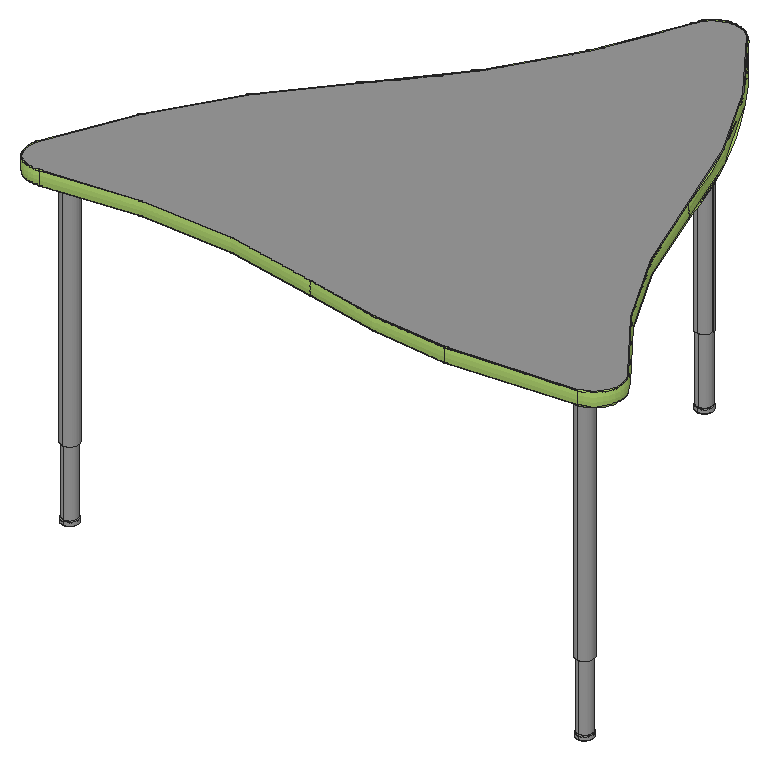
Revit family "Creator Triangle - Shapes", category Generic Models, Revit 2018
Family settings
  Can host rebar = No
  Round Connector Dimension = Use Diameter
  Part Type = Normal
  Work Plane-Based = No
  Always vertical = Yes
  Cut with Voids When Loaded = No
  Shared = No
  Room Calculation Point = No
Parameters
  Table Height = 2' - 4 1/2"
  Surface = Creator Triangle S Surface
  Leg Finish = Shapes Leg Platinum
  Edgeband = Creator Triangle S Edgeband
  Caster/Glider = Shapes Leg - Glider : Shapes Leg - Glider
Reference planes (in)
  plane 1 "Center (Front/Back)": y = 0
  plane 2: z = 0
  plane 3 "Center (Left/Right)": x = 0
  plane 4: z = 28.5
Dimensions and locks (in)
  "Table Height": plane 4 to level
  aligned and locked: plane 2 to level
  aligned and locked: nested 1 to plane 4
Nested families (in)
  nested 1: "Creator Triangle Tabletop" at (0, 0, 1.35825), type "Creator Triangle Tabletop"
  nested 2: "Shapes Leg - Glider" at (0.75, 21.25, 0) x (0, 1, 0) z (0, 0, 1), Leg Height <- "Table Height", Shapes Leg Finish <- "Leg Finish", type "Shapes Leg - Glider"
    with Shapes Leg Finish Shapes Leg Platinum, Leg Height 2' - 4 1/2"
  nested 3: "Shapes Leg - Glider" at (23.5, -20.64883, 0) x (0, 1, 0) z (0, 0, 1), Leg Height <- "Table Height", type <- "Caster/Glider", Shapes Leg Finish <- "Leg Finish", type "Shapes Leg - Glider"
    with Shapes Leg Finish Shapes Leg Platinum, Leg Height 2' - 4 1/2"
  nested 4: "Shapes Leg - Glider" at (-24, -19.25706, 0) x (0, 1, 0) z (0, 0, 1), Leg Height <- "Table Height", type <- "Caster/Glider", Shapes Leg Finish <- "Leg Finish", type "Shapes Leg - Glider"
    with Shapes Leg Finish Shapes Leg Platinum, Leg Height 2' - 4 1/2"
Definition of nested family "Creator Triangle Tabletop"
  Parameters (values of type "Creator Triangle Tabletop")
    Surface = none
    Edgeband = none
  Reference planes (in)
    plane 1 "Center (Front/Back)": y = 0
    plane 2: z = 0
    plane 3 "Center (Left/Right)": x = 0
  Forms (in)
    Extrusion 1, solid, material <- "Surface"
      sketch origin (0, 0, 0) x (1, 0, 0) y (0, 1, 0)
        loop
          arc (-1.42378, 22.84297) -> (-6.62456, 11.60808) -> (-14.13009, 1.76238) r 56.95584
          arc (-14.13009, 1.76238) -> (-21.6442, -8.08146) -> (-26.86817, -19.30969) r 57.30935
          arc (-26.86817, -19.30969) -> (-26.40112, -21.65692) -> (-24.13479, -22.42596) r 2.39315
          arc (-24.13479, -22.42596) -> (-11.73084, -21.3202) -> (0.62319, -22.88813) r 57.99237
          arc (0.62319, -22.88813) -> (7.2637, -24.06713) -> (13.99613, -24.46826) r 58.07163
          arc (13.99613, -24.46826) -> (19.57025, -24.20083) -> (25.09088, -23.38541) r 56.56192
          arc (25.09088, -23.38541) -> (26.89076, -21.80799) -> (26.42446, -19.46057) r 2.39315
          arc (26.42446, -19.46057) -> (19.3109, -9.33091) -> (14.5219, 2.08303) r 57.69114
          arc (14.5219, 2.08303) -> (9.73833, 13.50429) -> (2.64138, 23.65125) r 58.05373
          arc (2.64138, 23.65125) -> (0.37753, 24.41026) -> (-1.42378, 22.84297) r 2.40367
      from 27.14175 to 28.39175
    Sweep 2, solid, material <- "Edgeband"
      path in 3D
        loop
          arc (13.99613, -24.46826, 28.39175) -> (7.2637, -24.06713, 28.39175) -> (0.62319, -22.88813, 28.39175) r 58.07163
          arc (0.62319, -22.88813, 28.39175) -> (-11.73084, -21.3202, 28.39175) -> (-24.13479, -22.42596, 28.39175) r 57.99237
          arc (-24.13479, -22.42596, 28.39175) -> (-26.40112, -21.65692, 28.39175) -> (-26.86817, -19.30969, 28.39175) r 2.39315
          arc (-26.86817, -19.30969, 28.39175) -> (-21.6442, -8.08146, 28.39175) -> (-14.13009, 1.76238, 28.39175) r 57.30935
          arc (-14.13009, 1.76238, 28.39175) -> (-6.62456, 11.60808, 28.39175) -> (-1.42378, 22.84297, 28.39175) r 56.95584
          arc (-1.42378, 22.84297, 28.39175) -> (0.37753, 24.41026, 28.39175) -> (2.64138, 23.65125, 28.39175) r 2.40367
          arc (2.64138, 23.65125, 28.39175) -> (9.73833, 13.50429, 28.39175) -> (14.5219, 2.08303, 28.39175) r 58.05373
          arc (14.5219, 2.08303, 28.39175) -> (19.3109, -9.33091, 28.39175) -> (26.42446, -19.46057, 28.39175) r 57.69114
          arc (26.42446, -19.46057, 28.39175) -> (26.89076, -21.80799, 28.39175) -> (25.09088, -23.38541, 28.39175) r 2.39315
          arc (25.09088, -23.38541, 28.39175) -> (19.57025, -24.20083, 28.39175) -> (13.99613, -24.46826, 28.39175) r 56.56192
      profile origin (19.57025, -24.20083, 28.39175) x (0.097139, -0.995271, 0) y (0, 0, 1)
        loop
          line (0, 0) -> (0, -1.25)
          arc (0, -1.25) -> (0.03155, -1.23864) -> (0.04862, -1.20978) r 0.04949
          arc (0.04862, -1.20978) -> (0.12272, -0.62529) -> (0.04862, -0.04079) r 2.34217
          arc (0.04862, -0.04079) -> (0.03173, -0.01155) -> (0, 0) r 0.04937
  Lines and regions (in)
    sketch lines
      curve 1: arc (25.09088, -23.38541, 28.39175) -> (19.57025, -24.20083, 28.39175) -> (13.99613, -24.46826, 28.39175) r 56.56192
      curve 2: arc (13.99613, -24.46826, 28.39175) -> (7.2637, -24.06713, 28.39175) -> (0.62319, -22.88813, 28.39175) r 58.07163
      curve 3: arc (0.62319, -22.88813, 28.39175) -> (-11.73084, -21.3202, 28.39175) -> (-24.13479, -22.42596, 28.39175) r 57.99237
      curve 4: arc (-24.13479, -22.42596, 28.39175) -> (-26.40112, -21.65692, 28.39175) -> (-26.86817, -19.30969, 28.39175) r 2.39315
      curve 5: arc (-26.86817, -19.30969, 28.39175) -> (-21.6442, -8.08146, 28.39175) -> (-14.13009, 1.76238, 28.39175) r 57.30935
      curve 6: arc (-14.13009, 1.76238, 28.39175) -> (-6.62456, 11.60808, 28.39175) -> (-1.42378, 22.84297, 28.39175) r 56.95584
      curve 7: arc (-1.42378, 22.84297, 28.39175) -> (0.37753, 24.41026, 28.39175) -> (2.64138, 23.65125, 28.39175) r 2.40367
      curve 8: arc (2.64138, 23.65125, 28.39175) -> (9.73833, 13.50429, 28.39175) -> (14.5219, 2.08303, 28.39175) r 58.05373
      curve 9: arc (14.5219, 2.08303, 28.39175) -> (19.3109, -9.33091, 28.39175) -> (26.42446, -19.46057, 28.39175) r 57.69114
      curve 10: arc (26.42446, -19.46057, 28.39175) -> (26.89076, -21.80799, 28.39175) -> (25.09088, -23.38541, 28.39175) r 2.39315
  Dimensions and locks (in)
    aligned and locked: plane 2 to level
Definition of nested family "Shapes Leg - Glider"
  Parameters (values of type "Shapes Leg - Glider")
    Shapes Leg Finish [instance] = none
    Leg Height [instance] = 2' - 4 1/2"
  Reference planes (in)
    plane 1 "Center (Front/Back)": y = 0
    plane 2: z = 0
    plane 3 "Center (Left/Right)": x = 0
  Forms (in)
    Extrusion 1, solid
      sketch origin (-0.01562, 0, 0) x (1, 0, 0) y (0, 1, 0)
        loop
          circle (0.01563, 0) r 0.64906
      from 0.50586 to 20.17439
  Dimensions and locks (in)
    "Leg Height": nested 2 to level
    aligned and locked: plane 2 to level
  Automatic sketch dimensions
    plane 1 "Center (Front/Back)" to Extrusion 1 sketch curve = 0' - 0"
    Extrusion 1 sketch curve to plane 3 "Center (Left/Right)" = 0' - 0"
    radius of Extrusion 1 sketch curve = 0' - 0.64906"
  Nested families (in)
    nested 1: "Glider" at (0, 0, 0), type "Glider"
    nested 2: "Shapes Upper Leg" at (0, 0, 0), Shapes Leg Finish <- "Shapes Leg Finish", type "Shapes Upper Leg"
      with Shapes Leg Finish none
  Definition of nested family "Glider"
    Reference planes (in)
      plane 1 "Center (Front/Back)": y = 0
      plane 2: z = 0
      plane 3 "Center (Left/Right)": x = 0
    Forms (in)
      Revolve 1, solid
        sketch origin (0, 0, 0) x (1, 0, 0) y (0, 0, 1)
          loop
            line (0.26614, 0.50586) -> (0, 0.50586) -> (0, 0.09994) -> (0.71656, 0.09994) -> (0.71656, 0.37634)
            arc (0.71656, 0.37634) -> (0.70181, 0.41548) -> (0.66511, 0.43552) r 0.06011
            arc (0.66511, 0.43552) -> (0.46609, 0.45951) -> (0.26614, 0.47365) r 4.06535
            line (0.26614, 0.47365) -> (0.26614, 0.50586)
          axis (0, 0.50586) -> (0, 0.09994)
        angle from 0 to 360
      Revolve 2, solid
        sketch origin (0, 0, 0) x (1, 0, 0) y (0, 0, 1)
          loop
            line (0.65534, 0.1212) -> (0, 0.1212) -> (0, 0) -> (0.57593, 0)
            arc (0.57593, 0) -> (0.63208, 0.02326) -> (0.65534, 0.07941) r 0.07941
            line (0.65534, 0.07941) -> (0.65534, 0.1212)
          axis (0, 0.1212) -> (0, 0)
        angle from 0 to 360
    Dimensions and locks (in)
      aligned and locked: plane 2 to level
  Definition of nested family "Shapes Upper Leg"
    Parameters (values of type "Shapes Upper Leg")
      Shapes Leg Finish [instance] = none
    Reference planes (in)
      plane 1 "Center (Front/Back)": y = 0
      plane 2: z = 0
      plane 3 "Center (Left/Right)": x = 0
    Forms (in)
      Extrusion 1, solid, material <- "Shapes Leg Finish"
        sketch origin (0, 0, 0) x (1, 0, 0) y (0, 1, 0)
          loop
            circle (0, 0) r 0.75
        from 6.5 to 28.5
    Dimensions and locks (in)
      aligned and locked: plane 2 to level
